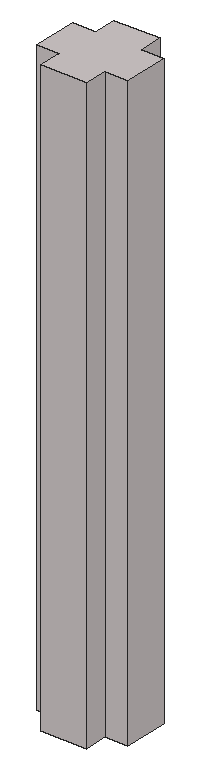
Revit family "Concrete X Shaped", category 기둥, Revit 2026
Family settings
  로드될 때 보이드를 사용하여 절단 = 아니오
  자동으로 형상을 벽에 결합합니다 = 예
  공유 = 아니오
  평면도에서 미리 절단된 패밀리 표시 = 예
Parameters (values of type "460 x 460 mm")
  Width = 460 mm
  Depth 1- = 230 mm
  Width 1- = 230 mm
  Depth = 460 mm
  Column Material = RCC
Reference planes
  plane 1 "Center (Front/Back)": y = 0
  plane 2: z = 0
  plane 3 "Center (Left/Right)": x = 0
  plane 4 "Left": x = -115
  plane 5 "Right": x = 115
  plane 6 "Back": y = 115
  plane 7 "Front": y = -115
  plane 8: x = 230
  plane 9: x = -230
  plane 10: y = 230
  plane 11: y = -230
Forms (mm)
  Extrusion 1, solid, material "RCC" <- "Column Material"
    sketch origin (0, 0, 0) x (1, 0, 0) y (0, 1, 0)
      loop
        line (-230, -115) -> (-115, -115) -> (-115, -230) -> (115, -230) -> (115, -115) -> (230, -115) -> (230, 115) -> (115, 115) -> (115, 230) -> (-115, 230) -> (-115, 115) -> (-230, 115) -> (-230, -115)
    from 0 to 3000
Lines and regions (mm)
  symbolic lines
    curve 1: line (-230, 115, 0) -> (-230, -115, 0)
    curve 2: line (-115, 115, 0) -> (-230, 115, 0)
    curve 3: line (-115, 230, 0) -> (-115, 115, 0)
    curve 4: line (115, 230, 0) -> (-115, 230, 0)
    curve 5: line (115, 115, 0) -> (115, 230, 0)
    curve 6: line (230, 115, 0) -> (115, 115, 0)
    curve 7: line (230, -115, 0) -> (230, 115, 0)
    curve 8: line (115, -115, 0) -> (230, -115, 0)
    curve 9: line (115, -230, 0) -> (115, -115, 0)
    curve 10: line (-115, -230, 0) -> (115, -230, 0)
    curve 11: line (-115, -115, 0) -> (-115, -230, 0)
    curve 12: line (-230, -115, 0) -> (-115, -115, 0)
Dimensions and locks
  "Width": plane 11 to plane 10
  "Depth": plane 9 to plane 8
  equal spacing: plane 7 "Front", plane 1 "Center (Front/Back)", plane 6 "Back", locked at 115 each
  "Width 1-": plane 7 "Front" to plane 6 "Back"
  equal spacing: plane 4 "Left", plane 3 "Center (Left/Right)", plane 5 "Right", locked at 115 each
  "Depth 1-": plane 4 "Left" to plane 5 "Right"
  equal spacing: plane 9, plane 3 "Center (Left/Right)", plane 8, locked at 230 each
  equal spacing: plane 11, plane 1 "Center (Front/Back)", plane 10, locked at 230 each
  aligned and locked: level to Extrusion 1
  aligned and locked: curve 1 to Extrusion 1
  aligned and locked: curve 3 to Extrusion 1
  aligned and locked: curve 4 to Extrusion 1
  aligned and locked: curve 5 to Extrusion 1
  aligned and locked: curve 6 to Extrusion 1
  aligned and locked: curve 7 to Extrusion 1
  aligned and locked: curve 8 to Extrusion 1
  aligned and locked: curve 9 to Extrusion 1
  aligned and locked: curve 10 to Extrusion 1
  aligned and locked: curve 11 to Extrusion 1
  aligned and locked: curve 12 to Extrusion 1
Automatic sketch dimensions
  Extrusion 1 sketch curve to plane 6 "Back" = 0 mm  (x2)
  Extrusion 1 sketch curve to plane 9 = 0 mm
  Extrusion 1 sketch curve to plane 4 "Left" = 0 mm  (x2)
  Extrusion 1 sketch curve to plane 5 "Right" = 0 mm  (x2)
  Extrusion 1 sketch curve to plane 7 "Front" = 0 mm  (x2)
  Extrusion 1 sketch curve to plane 8 = 0 mm
  Extrusion 1 sketch curve to plane 11 = 0 mm
  Extrusion 1 sketch curve to plane 10 = 0 mm
  curve 1 to plane 6 "Back" = 0 mm
